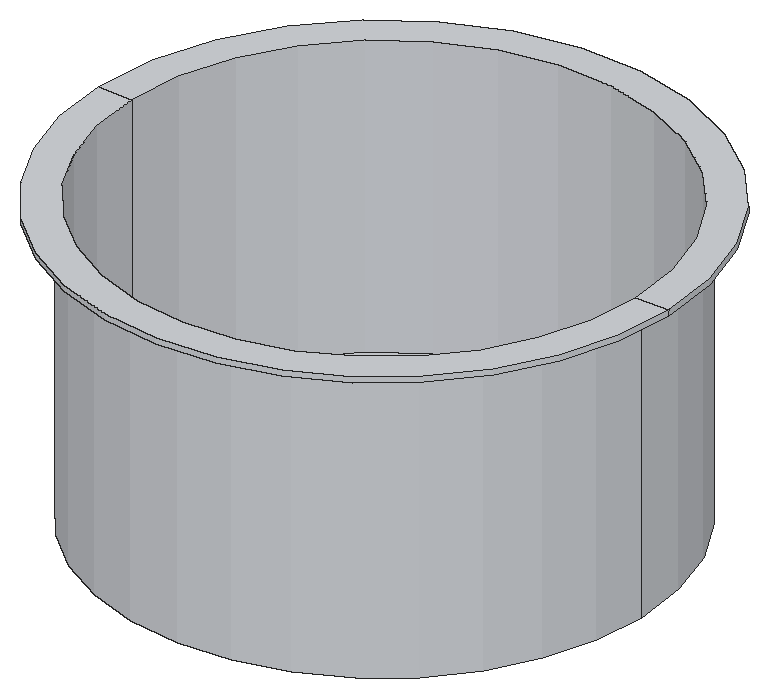
Revit family "STAINLESS STEEL ROUND COUNTER TOP WASTE BIN FOR WASHROOM_IND", category Generic Models, Revit 2017
Family settings
  Can host rebar = No
  Round Connector Dimension = Use Diameter
  Part Type = Normal
  Work Plane-Based = Yes
  Always vertical = Yes
  Cut with Voids When Loaded = Yes
  Shared = No
  Room Calculation Point = No
Parameters
  Website = "https://dolphy.in/"  # constant formula
  Model = "DWBN0010"  # constant formula
  Default Elevation = 1219.2 mm
  Contact number = "+91 9520202035"  # constant formula
  Contact email = "info@dolphy.in"  # constant formula
  Company name = "Dolphy India"  # constant formula
Reference planes
  plane 1 "Center (Front/Back)": y = 0
  plane 2: z = 0
  plane 3 "Center (Left/Right)": x = 0
Forms (mm)
  Revolve 1, solid
    sketch origin (-445, 0, 0) x (1, 0, 0) y (0, 0, 1)
      loop
        line (301.989, -157.77) -> (444.989, -157.77) -> (444.989, -154.77) -> (304.989, -154.77) -> (304.989, 0.23) -> (286.989, 0.23) -> (286.989, -2.77) -> (301.989, -2.77) -> (301.989, -157.77)
      axis (444.989, -157.77) -> (444.989, 0.23)
    angle from 0 to 360
  Revolve 2, void
    sketch origin (0, 0, 0) x (1, 0, 0) y (0, 0, 1)
      loop
        line (-144.375, -2.77) -> (-147.5, -2.77) -> (-147.5, -162.145) -> (0, -162.145) -> (0, -159.02) -> (-144.375, -159.02) -> (-144.375, -2.77)
      axis (0, -162.145) -> (0, -2.77)
    angle from 0 to 360
Cuts and joins
  Revolve 2 cuts Revolve 1
Dimensions and locks
  aligned and locked: level to plane 2
